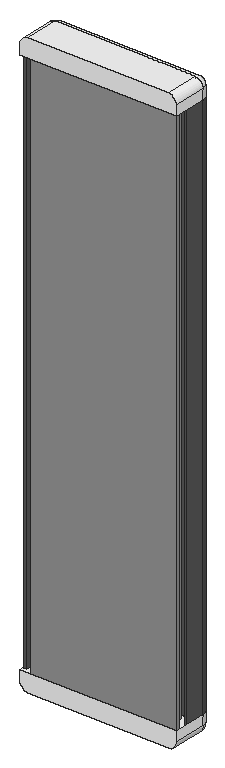
Revit family "JC-KONTAKTER-JCK217-300-400-600-800-Armbagskontakt", category Specialty Equipment, host Wall, Revit 2025
Family settings
  Host = Wall
  Round Connector Dimension = Use Diameter
  Part Type = Normal
  Enable Cutting in Views = Yes
  Always vertical = Yes
  Cut with Voids When Loaded = No
  Maintain Annotation Orientation = No
  Shared = No
  Room Calculation Point = No
Parameters (values of type "Armbågskontakt JCK217 - 300 mm.")
  Length = 300 mm
  Core Finish = Aluminum ENAW 6060
  URL = "https://jckontakter.se/produkt/armbagskontakter-metall/armbagskontakt-aluminium-jck217-300-mm/"
  Tillverkarens land = "Sverige"
  Tillvalsförteckning = "https://jckontakter.se/wp-content/uploads/sites/2/Tillval_metall_2024.pdf"
  Teknisk produktblad = "https://jckontakter.se/wp-content/uploads/sites/2/Tekniskt-blad_JCK217.300-1.pdf"
  Produktvikt = "0.509 kg"
  Placering information = "https://jckontakter.se/start/nyheter-och-information/armbagskontakter-placering-riktlinjer/"
  Nominell märkström = "12 V - Resistive 6A Inductive L/R 5ms 6A, 24 V - Resistive 6A Inductive L/R 5ms 5A"
  Model = "JCK217 - 300mm 400 mm 600mm 800mm"  # constant formula
  Microbrytare = "Standard NO IP67"
  Manufacturer = "JC Kontakter"  # constant formula
  Längsta märkström = "1mA/4 V DC"
  Lid Finish = Aluminum ENAW 6060 (Svart)
  Keynote = ""
  End Cap Finish = POM Tenac C 4520 (Vit)
  Description = "JCK217 tillhör en serie armbågskontakter som har en plan tryckyta med fyra taktila rillor i. Rillorna fungerar som extra vägledning för personer med synnedsättning. Man kan enkelt känna sig till vart man ska trycka för att aktivera dörröppning. JCK207 är tillverkad i silvereloxerad aluminium och har mörkgrå endcaps. Den levereras med 1st mikrobrytare i IP67, men går även att beställa med fler."  # constant formula
  Default Elevation = 0 mm
  CE Dokument = "https://jckontakter.se/wp-content/uploads/CE_Dokument.pdf"
  Assembly Code = ""
  Antal mikrobrytare = 2
Types (4, lengths in mm): name | Length | URL | Teknisk produktblad | Produktvikt
  Armbågskontakt JCK217 - 300 mm. | 300 | "https://jckontakter.se/produkt/armbagskontakter-metall/armbagskontakt-aluminium-jck217-300-mm/" | "https://jckontakter.se/wp-content/uploads/sites/2/Tekniskt-blad_JCK217.300-1.pdf" | "0.509 kg"
  Armbågskontakt JCK217 - 400 mm. | 400 | "https://jckontakter.se/produkt/armbagskontakter-metall/armbagskontakt-aluminium-jck217-300-mm/" | "https://jckontakter.se/wp-content/uploads/sites/2/Tekniskt-blad_JCK217.400-1.pdf" | "0.678 kg"
  Armbågskontakt JCK217 - 600 mm. | 600 | "https://jckontakter.se/produkt/armbagskontakter-metall/armbagskontakt-aluminium-jck217-600-mm/" | "https://jckontakter.se/wp-content/uploads/sites/2/Tekniskt-blad_JCK217.600-1.pdf" | "1.018 kg"
  Armbågskontakt JCK217 - 800 mm. | 800 | "https://jckontakter.se/produkt/armbagskontakter-metall/armbagskontakt-aluminium-jck217-800-mm/" | "https://jckontakter.se/wp-content/uploads/sites/2/Tekniskt-blad_JCK217.800-1.pdf" | "1.443 kg"
Reference planes
  plane 1 "Wall": y = 0
  plane 2 "Center (Left/Right)": x = 125
  plane 3 "Back": y = 75
  plane 4 "A": z = 800
Lines and regions (mm)
  Masking region 1
    outline origin (0, 0, -100) x (1, 0, 0) y (0, 0, 1)
      loop
        line (175, 1145) -> (75, 1145) -> (75, 900) -> (175, 900) -> (175, 1145)
  symbolic lines
    curve 1: line (75, 125, 0) -> (175, 125, 0)
    curve 2: line (75, 75, 0) -> (75, 125, 0)
    curve 3: line (175, 75, 0) -> (75, 75, 0)
    curve 4: line (175, 125, 0) -> (175, 75, 0)
    curve 5: line (175, 0, 1100) -> (75, 0, 1100)
    curve 6: line (175, 0, 800) -> (175, 0, 1100)
    curve 7: line (75, 0, 800) -> (175, 0, 800)
    curve 8: line (75, 0, 1100) -> (75, 0, 800)
Text (mm)
  text "Placement Side" at (-1848.837, 1116.779, 0), in view "Ref. Level"
  text "Placement side" at (0, 1409.804, 2854.306), in view "Left"
  text "Placement side" at (0, 499.811, 2980.732), in view "Right"
Dimensions and locks
  locked: plane 3 "Back" to host wall
  locked: curve 3 to curve 1 at 50
  aligned and locked: plane 1 "Wall" to host wall
  aligned and locked: nested 1 to plane 4 "A"
  aligned and locked: nested 1 to plane 3 "Back"
  aligned and locked: curve 3 to plane 3 "Back"
  aligned and locked: plane 4 "A" to curve 7
  aligned and locked: curve 5 to nested 1
  aligned and locked: curve 6 to Masking region 1
  aligned and locked: curve 8 to Masking region 1
Nested families
  nested 1: "AK_207" at (125, 75, 800) x (-1, 0, 0) z (0, 0, 1), type "AK_207", detail levels medium+fine
Definition of nested family "AK_207"
  Parameters (values of type "AK_207")
    Length = 300 mm
    Core Finish = none
    URL = "https://jckontakter.se/produkt/armbagskontakter-metall/armbagskontakt-i-aluminium-jck207/"
    Model = "JCK207"  # constant formula
    Manufacturer = "JC Kontakter"  # constant formula
    Lid Finish = none
    End Cap Finish = none
    Description = "JCK207 tillhör en serie armbågskontakter som har en plan tryckyta med fyra taktila rillor i. Rillorna fungerar som extra vägledning för personer med synnedsättning. Man kan enkelt känna sig till vart man ska trycka för att aktivera dörröppning. JCK207 är tillverkad i silvereloxerad aluminium och har mörkgrå endcaps. Den levereras med 1st mikrobrytare i IP67."  # constant formula
    Default Elevation = 0 mm
    A = Length - 9 mm  # 291 mm
  Reference planes
    plane 1 "Center (Front/Back)": y = 0
    plane 2: z = 0
    plane 3 "Center (Left/Right)": x = 0
    plane 4 "1": x = 40
    plane 5 "A": z = 9
    plane 6 "B": z = 291
  Forms (mm)
    Extrusion 1, solid, material <- "Core Finish"
      sketch origin (40, 0, 9) x (1, 0, 0) y (0, 1, 0)
        loop
          line (-80, 0) -> (-80, -1.2) -> (-75, -1.2) -> (-75, -8.75) -> (-73.2, -8.75) -> (-73.2, -1.2) -> (-11.2, -1.2) -> (-11.2, -8.75) -> (-2.249, -8.75)
          arc (-2.249, -8.75) -> (-3.331, -3.54) -> (-8.11, -1.2) r 6.05
          line (-8.11, -1.2) -> (-5.54, -1.2) -> (-5.54, 0) -> (-80, 0)
      from 0 to 282
    Extrusion 2, solid, material <- "Lid Finish"
      sketch origin (-40, 0, 9) x (-1, 0, 0) y (0, -1, 0)
        loop
          line (-3.92, 11.41) -> (-0.92, 6.4) -> (0, 6.4) -> (0, 16.83)
          arc (0, 16.83) -> (-1.464, 20.366) -> (-5, 21.83) r 5
          line (-5, 21.83) -> (-8, 21.83) -> (-8, 22.83) -> (-10, 22.83) -> (-10, 21.83) -> (-14, 21.83) -> (-14, 22.83) -> (-16, 22.83) -> (-16, 21.83) -> (-20, 21.83) -> (-20, 22.83) -> (-22, 22.83) -> (-22, 21.83) -> (-26, 21.83) -> (-26, 22.83) -> (-28, 22.83) -> (-28, 21.83) -> (-75, 21.83)
          arc (-75, 21.83) -> (-78.536, 20.366) -> (-80, 16.83) r 5
          line (-80, 16.83) -> (-80, 2.38) -> (-78.4, 2.38) -> (-78.4, 11.41) -> (-3.92, 11.41)
      from 0 to 282
    Extrusion 3, solid, material <- "End Cap Finish"
      sketch origin (-40, 0, 0) x (1, 0, 0) y (0, 1, 0)
        loop
          arc (0, -16.83) -> (1.464, -20.366) -> (5, -21.83) r 5
          line (5, -21.83) -> (75, -21.83)
          arc (75, -21.83) -> (78.536, -20.366) -> (80, -16.83) r 5
          line (80, -16.83) -> (80, 0) -> (0, 0) -> (0, -16.83)
      from 0 to 9
    Sweep 4, void
      path origin (0, 0, 0) x (1, 0, 0) y (0, 1, 0)
        loop
          line (42, 0) -> (42, -16.83)
          arc (42, -16.83) -> (39.95, -21.78) -> (35, -23.83) r 7
          line (35, -23.83) -> (-35, -23.83)
          arc (-35, -23.83) -> (-39.95, -21.78) -> (-42, -16.83) r 7
          line (-42, -16.83) -> (-42, 0)
      profile origin (0, -23.83, 0) x (0, -1, 0) y (0, 0, 1)
        loop
          line (-1, 4) -> (-2, 4)
          arc (-2, 4) -> (-3.172, 1.172) -> (-6, 0) r 4
          line (-6, 0) -> (-6, -1) -> (-1, -1) -> (-1, 4)
    Extrusion 5, solid, material <- "End Cap Finish"
      sketch origin (0, 0, 291) x (-1, 0, 0) y (0, -1, 0)
        loop
          arc (40, 16.83) -> (38.536, 20.366) -> (35, 21.83) r 5
          line (35, 21.83) -> (-35, 21.83)
          arc (-35, 21.83) -> (-38.536, 20.366) -> (-40, 16.83) r 5
          line (-40, 16.83) -> (-40, 0) -> (40, 0) -> (40, 16.83)
      from 0 to 9
    Sweep 6, void
      path origin (0, 0, 291) x (-1, 0, 0) y (0, -1, 0)
        loop
          line (-42, 0) -> (-42, 16.83)
          arc (-42, 16.83) -> (-39.95, 21.78) -> (-35, 23.83) r 7
          line (-35, 23.83) -> (35, 23.83)
          arc (35, 23.83) -> (39.95, 21.78) -> (42, 16.83) r 7
          line (42, 16.83) -> (42, 0)
      profile origin (0, -23.83, 291) x (0, -1, 0) y (0, 0, 1)
        loop
          line (-1, 5) -> (-1, 10) -> (-6, 10) -> (-6, 9)
          arc (-6, 9) -> (-3.172, 7.828) -> (-2, 5) r 4
          line (-2, 5) -> (-1, 5)
    Extrusion 7, void
      sketch origin (0, 0, 0) x (1, 0, 0) y (0, 1, 0)
        loop
          circle (-31.75, -8.25) r 3.75
        loop
          circle (31.75, -8.25) r 3.75
      from 0 to 4
  Cuts and joins
    Sweep 4, Sweep 6, Extrusion 7 cuts Extrusion 3
    Sweep 6 cuts Extrusion 5
  Dimensions and locks
    "A": plane 6 "B" to plane 2
    aligned and locked: level to plane 2
    aligned and locked: plane 6 "B" to Extrusion 2
    aligned and locked: plane 6 "B" to Extrusion 1
  Automatic sketch dimensions
    plane 1 "Center (Front/Back)" to Extrusion 1 sketch curve = 0 mm
    Extrusion 1 sketch curve to plane 3 "Center (Left/Right)" = 40 mm
    plane 1 "Center (Front/Back)" to Extrusion 1 sketch curve = 1.2 mm  (x3)
    Extrusion 1 sketch curve to Extrusion 1 sketch curve = 5 mm
    Extrusion 1 sketch curve to Extrusion 1 sketch curve = 1.8 mm
    Extrusion 1 sketch curve to plane 4 "1" = 11.2 mm
    Extrusion 1 sketch curve to Extrusion 1 sketch curve = 3.09 mm
    Extrusion 1 sketch curve to Extrusion 1 sketch curve = 2.57 mm
    Extrusion 1 sketch curve to plane 4 "1" = 2.249 mm
    Extrusion 1 sketch curve to Extrusion 1 sketch curve = 6.05 mm
    Extrusion 1 sketch curve to Extrusion 1 sketch curve = 7.55 mm
    Extrusion 1 sketch curve to Extrusion 1 sketch curve = 1.5 mm
    Extrusion 1 sketch curve to Extrusion 1 sketch curve = 0 mm
    Extrusion 2 sketch curve to plane 4 "1" = 0 mm
    Extrusion 2 sketch curve to plane 4 "1" = 1.6 mm
    Extrusion 2 sketch curve to Extrusion 2 sketch curve = 5 mm
    Extrusion 2 sketch curve to plane 3 "Center (Left/Right)" = 12 mm
    Extrusion 2 sketch curve to Extrusion 2 sketch curve = 2 mm  (x4)
    Extrusion 2 sketch curve to Extrusion 2 sketch curve = 4 mm  (x3)
    Extrusion 2 sketch curve to Extrusion 2 sketch curve = 3 mm  (x2)
    plane 1 "Center (Front/Back)" to Extrusion 2 sketch curve = 11.41 mm
    Extrusion 2 sketch curve to Extrusion 2 sketch curve = 1.08 mm
    plane 1 "Center (Front/Back)" to Extrusion 2 sketch curve = 6.4 mm
    Extrusion 2 sketch curve to Extrusion 2 sketch curve = 0.92 mm
    plane 1 "Center (Front/Back)" to Extrusion 2 sketch curve = 2.38 mm
    Extrusion 2 sketch curve to Extrusion 2 sketch curve = 5.42 mm  (x2)
    Extrusion 2 sketch curve to Extrusion 2 sketch curve = 0 mm  (x3)
    Extrusion 2 sketch curve to Extrusion 2 sketch curve = 1 mm  (x4)
    plane 1 "Center (Front/Back)" to Extrusion 3 sketch curve = 0 mm
    Extrusion 3 sketch curve to plane 4 "1" = 0 mm
    Extrusion 3 sketch curve to Extrusion 3 sketch curve = 5 mm  (x2)
    plane 1 "Center (Front/Back)" to Extrusion 3 sketch curve = 16.83 mm
    Extrusion 3 sketch curve to plane 3 "Center (Left/Right)" = 35 mm
    plane 1 "Center (Front/Back)" to Sweep 4 sketch curve = 0 mm  (x2)
    plane 1 "Center (Front/Back)" to Sweep 4 sketch curve = 16.83 mm
    Sweep 4 sketch curve to plane 3 "Center (Left/Right)" = 42 mm
    Sweep 4 sketch curve to Sweep 4 sketch curve = 7 mm
    Sweep 4 sketch curve to plane 4 "1" = 5 mm
    plane 4 "1" to Sweep 4 sketch curve = 2 mm
    Sweep 4 sketch curve to level = 0 mm
    Sweep 4 sketch curve to level = 1 mm
    profile plane to Sweep 4 sketch curve = 6 mm
    profile plane to Sweep 4 sketch curve = 2 mm
    Sweep 4 sketch curve to Sweep 4 sketch curve = 1 mm
    plane 1 "Center (Front/Back)" to Extrusion 5 sketch curve = 0 mm
    Extrusion 5 sketch curve to plane 4 "1" = 0 mm
    Extrusion 5 sketch curve to plane 4 "1" = 5 mm
    plane 1 "Center (Front/Back)" to Extrusion 5 sketch curve = 21.83 mm
    Extrusion 5 sketch curve to plane 3 "Center (Left/Right)" = 35 mm
    Extrusion 5 sketch curve to Extrusion 5 sketch curve = 5 mm
    plane 1 "Center (Front/Back)" to Sweep 6 sketch curve = 0 mm  (x2)
    plane 4 "1" to Sweep 6 sketch curve = 2 mm
    Sweep 6 sketch curve to plane 4 "1" = 5 mm
    Sweep 6 sketch curve to plane 3 "Center (Left/Right)" = 35 mm
    Sweep 6 sketch curve to Sweep 6 sketch curve = 7 mm
    plane 1 "Center (Front/Back)" to Sweep 6 sketch curve = 16.83 mm
    profile plane to Sweep 6 sketch curve = 6 mm
    profile plane to Sweep 6 sketch curve = 2 mm
    Sweep 6 sketch curve to Sweep 6 sketch curve = 1 mm
    plane 6 "B" to Sweep 6 sketch curve = 5 mm
    Sweep 6 sketch curve to Sweep 6 sketch curve = 5 mm
    plane 1 "Center (Front/Back)" to Extrusion 7 sketch curve = 8.25 mm  (x2)
    Extrusion 7 sketch curve to plane 3 "Center (Left/Right)" = 31.75 mm
    Extrusion 7 sketch curve to plane 4 "1" = 8.25 mm
    radius of Extrusion 7 sketch curve = 3.75 mm  (x2)
